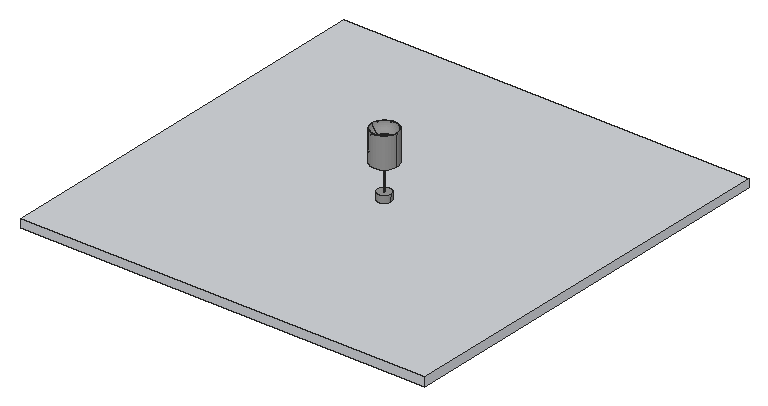
Revit family "LAMP_KOMBIC 150 SURFACE 3500 CRI80 OPTIC", category Luminarias, Revit 2018
Family settings
  Anfitrión = Cara
  Cota de conector redondo = Diámetro de uso
  Tipo de pieza = Normal
  Corte con vacíos al cargar = No
  Origen de luz = Sí
  Compartido = No
  Punto de cálculo de habitación = No
Parameters (values of type "2145LM 3000K  B/B")
  Ángulo de inclinación = -90.00°
  Weight = 1.738 kg
  UGR = "19"
  Type = "COB PHILIPS"
  Protection rating = "IP40"
  Product datasheet = "http://www.lamp.es/product-files/TECH/K21SF3540WF830NBB-EN.pdf"
  Product code = "K21SF3540WF830NBB"
  Product URL = "https://www.lamp.es/en/family/kombic-surface_474354"
  Power Supply = "220-240V 50/60Hz"
  Power = 25 W
  Plum = 28 W
  Modelo = Product code  # "K21SF3540WF830NBB"
  Model explanation = "Possibility of chossing between surface or suspended within the model"
  Material reflector = LAMP_PC Reflector Kombic Metalizado Negro
  Material floron = LAMP_Plástico genérico NG
  Material difusor = LAMP_PMMA Difusor Kombic
  Material cuerpo = LAMP_Plástico genérico NG
  Material cable suspension = LAMP_Acero genérico
  Manufacturer name = "LAMP"
  Manufacturer country = "Spain"
  Manufacturer URL = "http://www.lamp.es/en"
  MacAdam = "3"
  Luminaire type = "Suspended"
  Last update = "13/10/2021"
  Lamp = "COB LED"
  LED Lifetime = "50.000 L80 B10"
  Insulation class = "II"
  Installation instructions = "https://www.lamp.es/product-files/packed/by-family/474354_INS_all.zip"
  IEE = "A+"
  Height suspension [instance] = 200 mm
  Height distance [instance] = if(Surface, 0.1 mm, if(Ceiling rose, if(Height suspension > 38 mm, if(Height suspension < 2000 mm, Height suspension, 2000 mm), 38 mm), 37 mm))  # 200 mm
  Wattage = 28 W
  built-in parameter 1150107 = 3000 (stored number, unit not read)
  Surface [instance] = no
  built-in parameter 1150110 = 1 (stored number, unit not read)
  built-in parameter 1150109 = 1 (stored number, unit not read)
  built-in parameter 1150112 = 1 (stored number, unit not read)
  built-in parameter 1150113 = 1 (stored number, unit not read)
  built-in parameter 1114218 = 1 (stored number, unit not read)
  built-in parameter 1150137 = (empty or 0)
  built-in parameter 1150132 = 2
  built-in parameter 1150105 = 2449.7 (stored number, unit not read)
  built-in parameter 1150102 = (empty or 0)
  built-in parameter 1150106 = 24.497 (stored number, unit not read)
  Height = 180 mm
  Gear = "Electronic"
  Lumens = 2144.8 lm
  Finish = "Matte black RAL 9011"
  Color Filter = 16777215
  built-in parameter 1114217 = 1 (stored number, unit not read)
  built-in parameter 1150139 = (empty or 0)
  Fabricante = Manufacturer name  # "LAMP"
  Default Elevation = 1219.2 mm
  built-in parameter 1150104 = 7.1164 (stored number, unit not read)
  Efficacy = 76.6 lm/W
  Diameter = 150 mm
  built-in parameter 1150115 = 1 (stored number, unit not read)
  built-in parameter 1150114 = 1 (stored number, unit not read)
  built-in parameter 1150138 = (empty or 0)
  built-in parameter 1150134 = (empty or 0)
  Ceiling rose [instance] = not(Surface)  # yes
  Dimming Lamp Color Temperature Shift = (empty or 0)
  CRI = "80"
  Archivo de red fotométrica = "K21SF3540WF830NBB.IES"
  built-in parameter 1150133 = 10 (stored number, unit not read)
Types (12, lengths in mm): name | Product datasheet | Product code | Modelo | Material reflector | Material floron | Material cuerpo | built-in parameter 1150107 | built-in parameter 1150105 | built-in parameter 1150106 | Lumens | Finish | built-in parameter 1150104 | Efficacy | built-in parameter 1150134 | Archivo de red fotométrica
  2145LM 3000K  B/B | "http://www.lamp.es/product-files/TECH/K21SF3540WF830NBB-EN.pdf" | "K21SF3540WF830NBB" | "K21SF3540WF830NBB" | LAMP_PC Reflector Kombic Metalizado Negro | LAMP_Plástico genérico NG | LAMP_Plástico genérico NG | 3000 (stored number, unit not read) | 2449.7 (stored number, unit not read) | 24.497 (stored number, unit not read) | 2144.8 lm | "Matte black RAL 9011" | 7.1164 (stored number, unit not read) | 76.6 lm/W | (empty or 0) | "K21SF3540WF830NBB.IES"
  2145LM 3000K  B/W | "http://www.lamp.es/product-files/TECH/K21SF3540WF830NBW-EN.pdf" | "K21SF3540WF830NBW" | "K21SF3540WF830NBW" | LAMP_PC Reflector Kombic Metalizado Negro | LAMP_Plástico genérico BL | LAMP_Plástico genérico BL | 3000 (stored number, unit not read) | 2449.7 (stored number, unit not read) | 24.497 (stored number, unit not read) | 2144.8 lm | "Matte white RAL 9010" | 7.1164 (stored number, unit not read) | 76.6 lm/W | (empty or 0) | "K21SF3540WF830NBW.IES"
  2152LM 3000K  M/B | "http://www.lamp.es/product-files/TECH/K21SF3540WF830NMB-EN.pdf" | "K21SF3540WF830NMB" | "K21SF3540WF830NMB" | LAMP_PC Reflector Kombic Metalizado Mate | LAMP_Plástico genérico NG | LAMP_Plástico genérico NG | 3000 (stored number, unit not read) | 2459.3 (stored number, unit not read) | 24.593 (stored number, unit not read) | 2153.2 lm | "Matte black RAL 9011" | 7.1442 (stored number, unit not read) | 76.9 lm/W | (empty or 0) | "K21SF3540WF830NMB.IES"
  2152LM 3000K  M/W | "http://www.lamp.es/product-files/TECH/K21SF3540WF830NMW-EN.pdf" | "K21SF3540WF830NMW" | "K21SF3540WF830NMW" | LAMP_PC Reflector Kombic Metalizado Mate | LAMP_Plástico genérico BL | LAMP_Plástico genérico BL | 3000 (stored number, unit not read) | 2459.3 (stored number, unit not read) | 24.593 (stored number, unit not read) | 2153.2 lm | "Matte white RAL 9010" | 7.1442 (stored number, unit not read) | 76.9 lm/W | (empty or 0) | "K21SF3540WF830NMW.IES"
  2217LM 3000K  W/B | "http://www.lamp.es/product-files/TECH/K21SF3540WF830NWB-EN.pdf" | "K21SF3540WF830NWB" | "K21SF3540WF830NWB" | LAMP_PC Reflector Kombic Blanco | LAMP_Plástico genérico NG | LAMP_Plástico genérico NG | 3000 (stored number, unit not read) | 2532.8 (stored number, unit not read) | 25.328 (stored number, unit not read) | 2217.6 lm | "Matte black RAL 9011" | 7.3579 (stored number, unit not read) | 79.2 lm/W | (empty or 0) | "K21SF3540WF830NWB.IES"
  2217LM 3000K  W/W | "http://www.lamp.es/product-files/TECH/K21SF3540WF830NWW-EN.pdf" | "K21SF3540WF830NWW" | "K21SF3540WF830NWW" | LAMP_PC Reflector Kombic Blanco | LAMP_Plástico genérico BL | LAMP_Plástico genérico BL | 3000 (stored number, unit not read) | 2532.8 (stored number, unit not read) | 25.328 (stored number, unit not read) | 2217.6 lm | "Matte white RAL 9010" | 7.3579 (stored number, unit not read) | 79.2 lm/W | (empty or 0) | "K21SF3540WF830NWW.IES"
  2234LM 4000K  B/B | "http://www.lamp.es/product-files/TECH/K21SF3540WF840NBB-EN.pdf" | "K21SF3540WF840NBB" | "K21SF3540WF840NBB" | LAMP_PC Reflector Kombic Metalizado Negro | LAMP_Plástico genérico NG | LAMP_Plástico genérico NG | 4000 (stored number, unit not read) | 2552 (stored number, unit not read) | 25.52 (stored number, unit not read) | 2234.4 lm | "Matte black RAL 9011" | 7.4137 (stored number, unit not read) | 79.8 lm/W | 12 | "K21SF3540WF840NBB.IES"
  2234LM 4000K  B/W | "http://www.lamp.es/product-files/TECH/K21SF3540WF840NBW-EN.pdf" | "K21SF3540WF840NBW" | "K21SF3540WF840NBW" | LAMP_PC Reflector Kombic Metalizado Negro | LAMP_Plástico genérico BL | LAMP_Plástico genérico BL | 4000 (stored number, unit not read) | 2552 (stored number, unit not read) | 25.52 (stored number, unit not read) | 2234.4 lm | "Matte white RAL 9010" | 7.4137 (stored number, unit not read) | 79.8 lm/W | 12 | "K21SF3540WF840NBW.IES"
  2241LM 4000K  M/B | "http://www.lamp.es/product-files/TECH/K21SF3540WF840NMB-EN.pdf" | "K21SF3540WF840NMB" | "K21SF3540WF840NMB" | LAMP_PC Reflector Kombic Metalizado Mate | LAMP_Plástico genérico NG | LAMP_Plástico genérico NG | 4000 (stored number, unit not read) | 2558.4 (stored number, unit not read) | 25.584 (stored number, unit not read) | 2240 lm | "Matte black RAL 9011" | 7.4322 (stored number, unit not read) | 80 lm/W | 12 | "K21SF3540WF840NMB.IES"
  2241LM 4000K  M/W | "http://www.lamp.es/product-files/TECH/K21SF3540WF840NMW-EN.pdf" | "K21SF3540WF840NMW" | "K21SF3540WF840NMW" | LAMP_PC Reflector Kombic Metalizado Mate | LAMP_Plástico genérico BL | LAMP_Plástico genérico BL | 4000 (stored number, unit not read) | 2558.4 (stored number, unit not read) | 25.584 (stored number, unit not read) | 2240 lm | "Matte white RAL 9010" | 7.4322 (stored number, unit not read) | 80 lm/W | 12 | "K21SF3540WF840NMW.IES"
  2310LM 4000K  W/B | "http://www.lamp.es/product-files/TECH/K21SF3540WF840NWB-EN.pdf" | "K21SF3540WF840NWB" | "K21SF3540WF840NWB" | LAMP_PC Reflector Kombic Blanco | LAMP_Plástico genérico NG | LAMP_Plástico genérico NG | 4000 (stored number, unit not read) | 2638.4 (stored number, unit not read) | 26.384 (stored number, unit not read) | 2310 lm | "Matte black RAL 9011" | 7.6645 (stored number, unit not read) | 82.5 lm/W | 12 | "K21SF3540WF840NWB.IES"
  2310LM 4000K  W/W | "http://www.lamp.es/product-files/TECH/K21SF3540WF840NWW-EN.pdf" | "K21SF3540WF840NWW" | "K21SF3540WF840NWW" | LAMP_PC Reflector Kombic Blanco | LAMP_Plástico genérico BL | LAMP_Plástico genérico BL | 4000 (stored number, unit not read) | 2638.4 (stored number, unit not read) | 26.384 (stored number, unit not read) | 2310 lm | "Matte white RAL 9010" | 7.6645 (stored number, unit not read) | 82.5 lm/W | 12 | "K21SF3540WF840NWW.IES"
Reference planes
  plane 1 "Centro (Frontal/Posterior)": y = 0
  plane 2: z = 0
  plane 3 "Centro (Izquierda/Derecha)": x = 0
Forms (mm)
  Extrusion 1, solid
    sketch origin (0, 0, 0) x (1, 0, 0) y (0, 1, 0)
      loop
        line (-1219.2, 1219.2) -> (-1219.2, -1219.2) -> (1219.2, -1219.2) -> (1219.2, 1219.2) -> (-1219.2, 1219.2)
    from 0 to -50
  Extrusion 2, solid, material "LAMP_Plástico genérico NG" <- "Material cuerpo"
    sketch origin (0, 0, 0) x (1, 0, 0) y (0, 1, 0)
      loop
        circle (0, 0) r 77.5
    from 200 to 380
  Extrusion 3, void
    sketch origin (0, 0, 0) x (1, 0, 0) y (0, 1, 0)
      loop
        circle (0, 0) r 76.5
    from 270.588 to 380
  Sweep 4, solid, material "LAMP_PC Reflector Kombic Metalizado Negro" <- "Material reflector"
    path origin (105.103, -251.845, 380) x (1, 0, 0) y (0, 1, 0)
      loop
        circle (-105.103, 251.959) r 48
    profile origin (0, 48.114, 380) x (0, -1, 0) y (0, 0, 1)
      loop
        arc (-28.386, 0) -> (-15.5, -31.664) -> (14.364, -48.3) r 51.542
        line (14.364, -48.3) -> (14.364, -47.3)
        arc (14.364, -47.3) -> (-14.949, -31.098) -> (-27.386, 0) r 49.836
        line (-27.386, 0) -> (-28.386, 0)
  Extrusion 5, solid, material "LAMP_PMMA Difusor Kombic" <- "Material difusor"
    sketch origin (0, 0, 0) x (1, 0, 0) y (0, 1, 0)
      loop
        circle (0, 0) r 33.636
    from 331.7 to 332.7
  Extrusion 6, solid, material "LAMP_Plástico genérico NG" <- "Material floron", visible <- "Ceiling rose"
    sketch origin (0, 0, 0) x (1, 0, 0) y (0, 1, 0)
      loop
        circle (0, 0) r 42
    from 0 to 37
  Extrusion 7, solid, material "LAMP_Acero genérico" <- "Material cable suspension", visible <- "Ceiling rose"
    sketch origin (0, 0, 0) x (1, 0, 0) y (0, 1, 0)
      loop
        circle (0, 0) r 1
    from 37 to 200
Cuts and joins
  Extrusion 3 cuts Extrusion 2
Text (mm)
  text "Any modification of the parameters and properties of the LAMP BIM models must be executed and validated by the LAMP technical department.\nPhone: +34 93 736 68 00\nE-mail: lamp@lamp.es\n\nLAMP reserves the right to modify the technical specifications of its products." at (1856.491, -4316.333, -2622.127), in view "Preview"
Dimensions and locks
  "Height distance": Extrusion 2 to Extrusion 1
  locked: Extrusion 2 to Extrusion 2 at 180
  locked: cut or joined group of Extrusion 2, Extrusion 3 to cut or joined group of Extrusion 2, Extrusion 3 at 109.412
  aligned and locked: plane 2 to Extrusion 1
  aligned and locked: level to Extrusion 1
  aligned and locked: Extrusion 2 to Extrusion 3
  aligned and locked: Extrusion 7 to Extrusion 6
  aligned and locked: Extrusion 7 to cut or joined group of Extrusion 2, Extrusion 3
  aligned and locked: imposter light to cut or joined group of Extrusion 2, Extrusion 3
  aligned and locked: Extrusion 5 to Sweep 4  (x2)
Automatic sketch dimensions
  Extrusion 1 sketch curve to Extrusion 1 sketch curve = 2438.4 mm  (x2)
  plane 1 "Centro (Frontal/Posterior)" to Extrusion 2 sketch curve = 0 mm
  Extrusion 2 sketch curve to plane 3 "Centro (Izquierda/Derecha)" = 0 mm
  plane 1 "Centro (Frontal/Posterior)" to Extrusion 3 sketch curve = 0 mm
  Extrusion 3 sketch curve to plane 3 "Centro (Izquierda/Derecha)" = 0 mm
  plane 1 "Centro (Frontal/Posterior)" to Extrusion 6 sketch curve = 0 mm
  Extrusion 6 sketch curve to plane 3 "Centro (Izquierda/Derecha)" = 0 mm
  plane 1 "Centro (Frontal/Posterior)" to Extrusion 7 sketch curve = 0 mm
  Extrusion 7 sketch curve to plane 3 "Centro (Izquierda/Derecha)" = 0 mm
  Sweep 4 sketch curve to profile plane = 0 mm
  profile plane to Sweep 4 sketch curve = 28.386 mm
  profile plane to Sweep 4 sketch curve = 1.881 mm
  Sweep 4 sketch curve to profile plane = 22.414 mm
  Sweep 4 sketch curve to Sweep 4 sketch curve = 0.681 mm
  Sweep 4 sketch curve to Sweep 4 sketch curve = 1 mm  (x2)
  Sweep 4 sketch curve to profile plane = 14.364 mm
  plane 1 "Centro (Frontal/Posterior)" to Extrusion 5 sketch curve = 0 mm
  Extrusion 5 sketch curve to plane 3 "Centro (Izquierda/Derecha)" = 0 mm
  radius of Extrusion 2 sketch curve = 77.5 mm
  radius of Extrusion 3 sketch curve = 76.5 mm
  radius of Sweep 4 sketch curve = 48 mm
  radius of Extrusion 6 sketch curve = 42 mm
  radius of Extrusion 7 sketch curve = 1 mm
  radius of Extrusion 5 sketch curve = 33.636 mm
Connectors
  electrical at (0, 0, 200)
    settings: on cut or joined group of Extrusion 2, Extrusion 3, index 1, voltage 230 V, apparent load 0 VA, apparent load phase1 0 VA, apparent load phase2 0 VA, apparent load phase3 0 VA, power factor 1, load classification "Otro", number of poles 1, system type 31, power factor state 1, is connector primary yes, connector utility no, sub classification motor no, connector description ""
